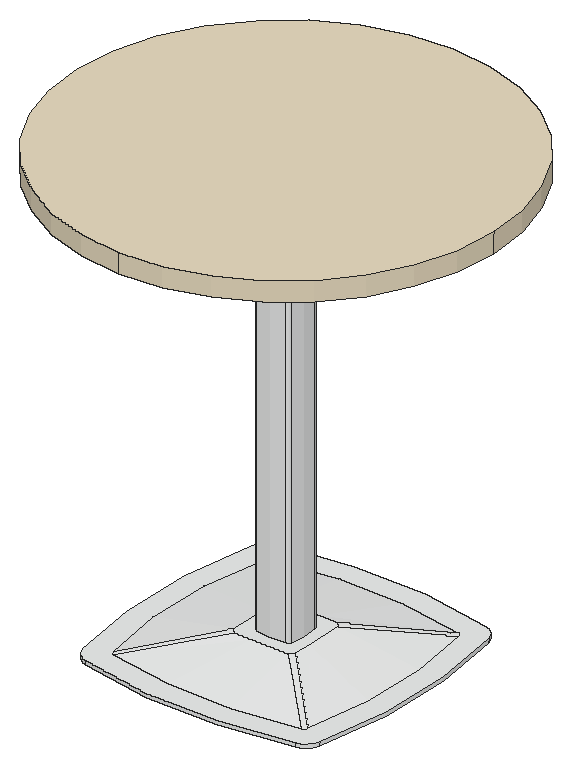
Revit family "FU_Table_Sandler_511-AX", category Furniture, Revit 2020
Family settings
  OmniClass Number = 23.40.20.00
  OmniClass Title = General Furniture and Specialties
  Work Plane-Based = No
  Always vertical = Yes
  Cut with Voids When Loaded = No
  Shared = No
  Room Calculation Point = No
Parameters (values of type "511 AX - 28" Round Top (70cm)")
  Width = 440 mm
  URL = "https://www.sandlerseating.com/product/511-ax/"
  Top Type [instance] = FU_TableTops_MT Rnd : 28" Round (70cm)
  Top Elevation = Height  # 720 mm
  Top Finish [instance] = Wood - Beech - Chestnut Stained
  Model = "511 AX"
  Manufacturer = "Sandler"
  Height = 720 mm
  Frame Finish [instance] = Metal - Paint -AL VR - Traffic White
  Description = "Table base. Available in powdercoat painted finishes.\r\nOptional upcharge for outdoor version with galvanized-treated frame and adjustable feet."
  Depth = Width  # 440 mm
  Default Elevation = 0 mm
Types (8, lengths in mm): name | Top Type | Top Finish | Frame Finish
  (no name) | FU_TableTops_MT Rnd : 28" Round (70cm) | Wood - Beech - Chestnut Stained | Metal - Paint -AL VR - Traffic White
  511 AX - 32" Round Top (80cm) | FU_TableTops_MT Rnd : 32" Round (80cm) | Wood - Beech - Honey Stained | Metal - Paint -AL VR - Pure White
  511 AX - 24" Round Top (60cm) | FU_TableTops_MT Rnd : 24" Round (60cm) | Wood - Beech - Honey Stained | Metal - Paint -AL VR - Pure White
  511 AX - 28" Round Top (70cm) | FU_TableTops_MT Rnd : 28" Round (70cm) | Wood - Beech - Chestnut Stained | Metal - Paint -AL VR - Traffic White
  511 AX - 36" Round Top (90cm) | FU_TableTops_MT Rnd : 36" Round (90cm) | Wood - Beech - Honey Stained | Metal - Paint -AL VR - Pure White
  511 AX - 24" Square Top (60cm) | FU_TableTops_MT Sqr : 24" Square (60cm) | Wood - Beech - Honey Stained | Metal - Paint - AL VR - Ruby Red
  511 AX - 28" Square Top (70cm) | FU_TableTops_MT Sqr : 28" Square (70cm) | Wood - Beech - Honey Stained | Metal - Paint -AL VR - Pure White
  511 AX - 32" Square Top (80cm) | FU_TableTops_MT Sqr : 32" Square (80cm) | Wood - Beech - Honey Stained | Metal - Paint -AL VR - Pure White
Reference planes
  plane 1 "Center (Front/Back)": y = 0
  plane 2: z = 0
  plane 3 "Center (Left/Right)": x = 0
  plane 4 "Right": x = -220
  plane 5 "Left": x = 220
  plane 6 "Back": y = 220
  plane 7 "Front": y = -220
  plane 8 "Height": z = 720
  plane 9 "Top Support": z = 693.5
  plane 10 "Glide Height": z = 3.5
  plane 11 "Base Base": z = 9.5
  plane 12 "Base Top": z = 33.5
  plane 13 "Pads Front": y = -178.367
  plane 14 "Pads Right": x = -178.367
  plane 15 "Pads Back": y = 178.367
  plane 16 "Pads Left": x = 178.367
Forms (mm)
  Extrusion 1, solid, material "Metal - Paint -AL VR - Traffic White" <- "Frame Finish"
    sketch origin (0, 0, 3.5) x (-1, 0, 0) y (0, -1, 0)
      loop
        arc (177.109, -199.437) -> (191.448, -191.448) -> (199.437, -177.109) r 29.999
        arc (199.437, -177.109) -> (220, 0) -> (199.437, 177.109) r 773.001
        arc (199.437, 177.109) -> (191.445, 191.445) -> (177.109, 199.437) r 30.026
        arc (177.109, 199.437) -> (0, 220.05) -> (-177.109, 199.437) r 771.183
        arc (-177.109, 199.437) -> (-191.445, 191.445) -> (-199.437, 177.109) r 30.026
        arc (-199.437, 177.109) -> (-220, 0) -> (-199.437, -177.109) r 773.001
        arc (-199.437, -177.109) -> (-191.445, -191.445) -> (-177.109, -199.437) r 30.026
        arc (-177.109, -199.437) -> (0, -220.05) -> (177.109, -199.437) r 771.183
    from 0 to 6
  Revolve 2, solid, material "Rubber, Black"
    sketch origin (26.426, 178.367, 0) x (1, 0, 0) y (0, 0, 1)
      loop
        line (-204.687, 0) -> (-204.687, 3.5) -> (-212.687, 3.5) -> (-212.687, 2)
        arc (-212.687, 2) -> (-212.101, 0.586) -> (-210.687, 0) r 2
        line (-210.687, 0) -> (-204.687, 0)
      axis (-204.687, 3.5) -> (-204.687, 0)
    angle from 0 to 360
  Revolve 3, solid, material "Rubber, Black"
    sketch origin (-25.633, -178.367, 0) x (1, 0, 0) y (0, 0, 1)
      loop
        line (204, 0) -> (210, 0)
        arc (210, 0) -> (211.414, 0.586) -> (212, 2) r 2
        line (212, 2) -> (212, 3.5) -> (204, 3.5) -> (204, 0)
      axis (204, 3.5) -> (204, 0)
    angle from 0 to 360
  Revolve 4, solid, material "Rubber, Black"
    sketch origin (-178.367, 25.633, 0) x (0, 1, 0) y (0, 0, 1)
      loop
        line (-204, 3.5) -> (-212, 3.5) -> (-212, 2)
        arc (-212, 2) -> (-211.414, 0.586) -> (-210, 0) r 2
        line (-210, 0) -> (-204, 0) -> (-204, 3.5)
      axis (-204, 3.5) -> (-204, 0)
    angle from 0 to 360
  Revolve 5, solid, material "Rubber, Black"
    sketch origin (178.367, -25.508, 0) x (0, 1, 0) y (0, 0, 1)
      loop
        line (204, 3.5) -> (204, 0) -> (210, 0)
        arc (210, 0) -> (211.414, 0.586) -> (212, 2) r 2
        line (212, 2) -> (212, 3.5) -> (204, 3.5)
      axis (204, 3.5) -> (204, 0)
    angle from 0 to 360
  Extrusion 6, solid, material "Metal - Paint -AL VR - Traffic White" <- "Frame Finish"
    sketch origin (0, 0, 3.5) x (-1, 0, 0) y (0, -1, 0)
      loop
        arc (30.081, -24.212) -> (32.517, 0.002) -> (30.081, 24.216) r 121.548
        arc (30.081, 24.216) -> (28.031, 28.034) -> (24.211, 30.081) r 7.503
        arc (24.211, 30.081) -> (-0.002, 32.5) -> (-24.216, 30.081) r 122.405
        arc (-24.216, 30.081) -> (-28.031, 28.031) -> (-30.081, 24.216) r 7.513
        arc (-30.081, 24.216) -> (-32.517, 0.002) -> (-30.081, -24.212) r 121.548
        arc (-30.081, -24.212) -> (-28.035, -28.032) -> (-24.216, -30.081) r 7.495
        arc (-24.216, -30.081) -> (-0.002, -32.5) -> (24.211, -30.081) r 122.405
        arc (24.211, -30.081) -> (28.03, -28.03) -> (30.081, -24.212) r 7.518
    from 0 to 690
  Blend 7, solid, material "Metal - Paint -AL VR - Traffic White" <- "Frame Finish"
    base sketch origin (0, 0, 9.5) x (-1, 0, 0) y (0, -1, 0)
      loop
        arc (163.543, -158.418) -> (182.099, -0.002) -> (163.544, 158.413) r 685.528
        arc (163.544, 158.413) -> (161.532, 162.002) -> (157.931, 163.989) r 7.5
        arc (157.931, 163.989) -> (0, 181.941) -> (-157.931, 163.989) r 703.645
        arc (-157.931, 163.989) -> (-161.532, 162.002) -> (-163.544, 158.413) r 7.5
        arc (-163.544, 158.413) -> (-182.099, 0) -> (-163.544, -158.413) r 685.528
        arc (-163.544, -158.413) -> (-161.532, -162.002) -> (-157.931, -163.989) r 7.5
        arc (-157.931, -163.989) -> (0.002, -181.941) -> (157.935, -163.988) r 703.645
        arc (157.935, -163.988) -> (161.533, -162.003) -> (163.543, -158.418) r 7.492
    top sketch origin (0, 0, 9.5) x (-1, 0, 0) y (0, -1, 0)
      loop
        arc (52.25, 44.724) -> (50.044, 50.049) -> (44.719, 52.254) r 7.531
        line (44.719, 52.254) -> (-44.773, 52.254)
        arc (-44.773, 52.254) -> (-50.06, 50.065) -> (-52.25, 44.778) r 7.477
        line (-52.25, 44.778) -> (-52.25, -44.728)
        arc (-52.25, -44.728) -> (-50.046, -50.05) -> (-44.724, -52.254) r 7.526
        line (-44.724, -52.254) -> (44.799, -52.254)
        arc (44.799, -52.254) -> (50.068, -50.072) -> (52.25, -44.803) r 7.451
        line (52.25, -44.803) -> (52.25, 44.724)
    from 0 to 24
  Extrusion 8, solid, material "Metal - Paint -AL VR - Traffic White" <- "Frame Finish"
    sketch origin (0, 0, 720) x (-1, 0, 0) y (0, -1, 0)
      loop
        line (184, -179) -> (184, 179)
        arc (184, 179) -> (182.536, 182.536) -> (179, 184) r 5
        line (179, 184) -> (-179, 184)
        arc (-179, 184) -> (-182.536, 182.536) -> (-184, 179) r 5
        line (-184, 179) -> (-184, -179)
        arc (-184, -179) -> (-182.536, -182.536) -> (-179, -184) r 5
        line (-179, -184) -> (179, -184)
        arc (179, -184) -> (182.536, -182.536) -> (184, -179) r 5
    from 0 to -5
  Blend 9, solid, material "Metal - Paint -AL VR - Traffic White" <- "Frame Finish"
    base sketch origin (0, 0, 693.5) x (-1, 0, 0) y (0, -1, 0)
      loop
        arc (141, 129) -> (137.485, 137.485) -> (129, 141) r 12
        line (129, 141) -> (-129, 141)
        arc (-129, 141) -> (-137.485, 137.485) -> (-141, 129) r 12
        line (-141, 129) -> (-141, -129)
        arc (-141, -129) -> (-137.485, -137.485) -> (-129, -141) r 12
        line (-129, -141) -> (129, -141)
        arc (129, -141) -> (137.485, -137.485) -> (141, -129) r 12
        line (141, -129) -> (141, 129)
    top sketch origin (0, 0, 693.5) x (-1, 0, 0) y (0, -1, 0)
      loop
        line (52, -45.5) -> (52, 45.524)
        arc (52, 45.524) -> (50.103, 50.103) -> (45.524, 52) r 6.476
        line (45.524, 52) -> (-45.5, 52)
        arc (-45.5, 52) -> (-50.096, 50.096) -> (-52, 45.5) r 6.5
        line (-52, 45.5) -> (-52, -45.5)
        arc (-52, -45.5) -> (-50.096, -50.096) -> (-45.5, -52) r 6.5
        line (-45.5, -52) -> (45.5, -52)
        arc (45.5, -52) -> (50.096, -50.096) -> (52, -45.5) r 6.5
    from 26.5 to 0
  Extrusion 10, void
    sketch origin (0, 0, 720) x (-1, 0, 0) y (0, -1, 0)
      loop
        circle (152.5, -152.5) r 3.599
      loop
        circle (-152.5, -152.5) r 3.599
      loop
        circle (152.5, 152.5) r 3.599
      loop
        circle (-152.5, 152.5) r 3.599
      loop
        circle (22.627, -22.627) r 3.5
      loop
        circle (-22.627, -22.627) r 3.5
      loop
        circle (22.627, 22.627) r 3.5
      loop
        circle (-22.627, 22.627) r 3.5
      loop
        circle (0, 21) r 2.5
      loop
        circle (0, 0) r 6.5
    from -26.5 to 0
Cuts and joins
  joined: Extrusion 1, Blend 7
  Extrusion 10 cuts Extrusion 8
  Extrusion 10 cuts Blend 9
Lines and regions (mm)
  reference lines
    curve 1: line (-178.367, -169.117, 0) -> (-178.367, -187.617, 0)
Dimensions and locks
  equal spacing: plane 4 "Right", plane 3 "Center (Left/Right)", plane 5 "Left"
  "Width": plane 4 "Right" to plane 5 "Left"
  equal spacing: plane 6 "Back", plane 1 "Center (Front/Back)", plane 7 "Front"
  "Depth": plane 6 "Back" to plane 7 "Front"
  "Height": plane 8 "Height" to level
  locked: plane 8 "Height" to plane 9 "Top Support" at 26.5
  locked: plane 13 "Pads Front" to plane 7 "Front" at 41.633
  locked: plane 4 "Right" to plane 14 "Pads Right" at 41.633
  locked: plane 6 "Back" to plane 15 "Pads Back" at 41.633
  locked: plane 16 "Pads Left" to plane 5 "Left" at 41.633
  aligned and locked: level to plane 2
  aligned and locked: plane 11 "Base Base" to Extrusion 1
  aligned and locked: Extrusion 1 to plane 11 "Base Base"  (x3)
  aligned and locked: Extrusion 6 to plane 10 "Glide Height"
  aligned and locked: plane 9 "Top Support" to Extrusion 6
  aligned and locked: Blend 9 to plane 8 "Height"
  aligned and locked: Blend 9 to plane 9 "Top Support"
  aligned and locked: plane 9 "Top Support" to Blend 9  (x4)
  aligned and locked: Extrusion 10 to plane 9 "Top Support"
  aligned and locked: plane 8 "Height" to Extrusion 10
Automatic sketch dimensions
  plane 1 "Center (Front/Back)" to Extrusion 1 sketch curve = 0 mm  (x2)
  Extrusion 1 sketch curve to plane 3 "Center (Left/Right)" = 0 mm  (x2)
  Extrusion 1 sketch curve to plane 5 "Left" = 333.001 mm
  plane 4 "Right" to Extrusion 1 sketch curve = 333.001 mm
  plane 6 "Back" to Extrusion 1 sketch curve = 331.134 mm
  Extrusion 1 sketch curve to Extrusion 1 sketch curve = 6.896 mm
  Extrusion 1 sketch curve to Extrusion 1 sketch curve = 0 mm  (x4)
  plane 3 "Center (Left/Right)" to Blend 7 sketch curve = 52.25 mm
  Blend 7 sketch curve to Blend 7 sketch curve = 7.477 mm
  Blend 7 sketch curve to Blend 7 sketch curve = 7.526 mm
  Blend 7 sketch curve to plane 3 "Center (Left/Right)" = 44.719 mm
  Blend 7 sketch curve to plane 3 "Center (Left/Right)" = 44.799 mm
  Blend 7 sketch curve to Blend 7 sketch curve = 7.451 mm
  Blend 7 sketch curve to plane 1 "Center (Front/Back)" = 52.254 mm
  plane 1 "Center (Front/Back)" to Blend 7 sketch curve = 44.724 mm
  plane 1 "Center (Front/Back)" to Blend 7 sketch curve = 0 mm  (x2)
  Blend 7 sketch curve to plane 3 "Center (Left/Right)" = 0 mm  (x2)
  Blend 7 sketch curve to plane 5 "Left" = 283.43 mm
  plane 4 "Right" to Blend 7 sketch curve = 283.43 mm
  plane 6 "Back" to Blend 7 sketch curve = 301.704 mm
  Blend 7 sketch curve to plane 7 "Front" = 301.704 mm
  Blend 7 sketch curve to Blend 7 sketch curve = 1.683 mm  (x2)
  Blend 7 sketch curve to Blend 7 sketch curve = 0 mm  (x6)
  plane 1 "Center (Front/Back)" to Extrusion 6 sketch curve = 0.002 mm  (x2)
  plane 3 "Center (Left/Right)" to Extrusion 6 sketch curve = 89.031 mm
  plane 3 "Center (Left/Right)" to Extrusion 6 sketch curve = 22.733 mm
  plane 3 "Center (Left/Right)" to Extrusion 6 sketch curve = 22.719 mm
  plane 3 "Center (Left/Right)" to Extrusion 6 sketch curve = 0.002 mm  (x2)
  Extrusion 6 sketch curve to plane 3 "Center (Left/Right)" = 22.714 mm
  Extrusion 6 sketch curve to plane 3 "Center (Left/Right)" = 22.727 mm
  Extrusion 6 sketch curve to plane 1 "Center (Front/Back)" = 22.714 mm
  Extrusion 6 sketch curve to plane 1 "Center (Front/Back)" = 22.734 mm
  plane 1 "Center (Front/Back)" to Extrusion 6 sketch curve = 22.719 mm
  plane 1 "Center (Front/Back)" to Extrusion 6 sketch curve = 22.726 mm
  Extrusion 6 sketch curve to Extrusion 6 sketch curve = 67.179 mm
  Extrusion 6 sketch curve to Extrusion 6 sketch curve = 7.362 mm
  Extrusion 6 sketch curve to Extrusion 6 sketch curve = 0 mm  (x4)
  Extrusion 6 sketch curve to Extrusion 6 sketch curve = 7.348 mm
  Extrusion 6 sketch curve to Extrusion 6 sketch curve = 1.497 mm
  Extrusion 6 sketch curve to Extrusion 6 sketch curve = 1.484 mm
  Extrusion 6 sketch curve to Extrusion 6 sketch curve = 1.498 mm
  Extrusion 6 sketch curve to Extrusion 6 sketch curve = 7.354 mm
  Extrusion 8 sketch curve to Extrusion 8 sketch curve = 5 mm  (x4)
  Blend 9 sketch curve to Blend 9 sketch curve = 12 mm  (x3)
  plane 3 "Center (Left/Right)" to Blend 9 sketch curve = 52 mm
  Blend 9 sketch curve to Blend 9 sketch curve = 6.5 mm  (x2)
  Blend 9 sketch curve to plane 3 "Center (Left/Right)" = 45.5 mm
  Blend 9 sketch curve to plane 3 "Center (Left/Right)" = 45.524 mm
  Blend 9 sketch curve to Blend 9 sketch curve = 6.476 mm
  Blend 9 sketch curve to plane 1 "Center (Front/Back)" = 52 mm
  plane 1 "Center (Front/Back)" to Blend 9 sketch curve = 45.5 mm
  Extrusion 10 sketch curve to plane 3 "Center (Left/Right)" = 0 mm  (x2)
  plane 1 "Center (Front/Back)" to Extrusion 10 sketch curve = 0 mm
  plane 3 "Center (Left/Right)" to Extrusion 10 sketch curve = 22.627 mm  (x2)
  Extrusion 10 sketch curve to plane 3 "Center (Left/Right)" = 22.627 mm  (x2)
  Extrusion 10 sketch curve to plane 1 "Center (Front/Back)" = 22.627 mm  (x2)
  plane 1 "Center (Front/Back)" to Extrusion 10 sketch curve = 21 mm
  plane 1 "Center (Front/Back)" to Extrusion 10 sketch curve = 22.627 mm  (x2)
  plane 7 "Front" to Extrusion 1 sketch curve = 49.787 mm
  plane 1 "Center (Front/Back)" to Extrusion 1 sketch curve = 170.213 mm
  Extrusion 1 sketch curve to plane 7 "Front" = 331.134 mm
  plane 7 "Front" to Blend 7 sketch curve = 63.32 mm  (x2)
  plane 7 "Front" to Extrusion 8 sketch curve = 41 mm
  plane 7 "Front" to Blend 9 sketch curve = 91 mm
  plane 7 "Front" to Extrusion 10 sketch curve = 67.5 mm  (x2)
  plane 7 "Front" to curve 1 = 32.383 mm
  Extrusion 1 sketch curve to plane 4 "Right" = 49.787 mm
  Extrusion 1 sketch curve to Extrusion 1 sketch curve = 6.873 mm
  Blend 7 sketch curve to plane 4 "Right" = 63.753 mm
  Blend 7 sketch curve to plane 4 "Right" = 63.746 mm
  Extrusion 8 sketch curve to plane 4 "Right" = 41 mm
  Blend 9 sketch curve to plane 4 "Right" = 91 mm  (x2)
  Extrusion 10 sketch curve to plane 4 "Right" = 67.5 mm  (x2)
  plane 5 "Left" to Extrusion 1 sketch curve = 49.787 mm
  plane 3 "Center (Left/Right)" to Extrusion 1 sketch curve = 170.213 mm
  plane 5 "Left" to Extrusion 1 sketch curve = 20.563 mm  (x2)
  plane 5 "Left" to Blend 7 sketch curve = 63.753 mm  (x2)
  plane 5 "Left" to Extrusion 8 sketch curve = 41 mm
  plane 5 "Left" to Blend 9 sketch curve = 91 mm
  plane 5 "Left" to Extrusion 10 sketch curve = 67.5 mm  (x2)
  Extrusion 1 sketch curve to plane 4 "Right" = 49.764 mm
  Extrusion 1 sketch curve to plane 6 "Back" = 49.764 mm
  Extrusion 1 sketch curve to plane 1 "Center (Front/Back)" = 170.213 mm
  Blend 7 sketch curve to plane 6 "Back" = 63.313 mm
  Blend 7 sketch curve to plane 6 "Back" = 63.32 mm
  Extrusion 8 sketch curve to plane 6 "Back" = 41 mm
  Blend 9 sketch curve to plane 6 "Back" = 91 mm
  Extrusion 10 sketch curve to plane 6 "Back" = 67.5 mm  (x2)
  curve 1 to plane 14 "Pads Right" = 0 mm
  curve 1 to plane 13 "Pads Front" = 9.25 mm
  Revolve 2 sketch curve to plane 10 "Glide Height" = 0 mm
  Revolve 2 sketch curve to level = 0 mm
  plane 10 "Glide Height" to Revolve 2 sketch curve = 1.5 mm
  plane 4 "Right" to Revolve 2 sketch curve = 33.739 mm
  Revolve 2 sketch curve to Revolve 2 sketch curve = 6 mm
  Revolve 2 sketch curve to Revolve 2 sketch curve = 0 mm
  level to Revolve 2 sketch curve = 10.049 mm
  plane 11 "Base Base" to Revolve 2 sketch curve = 2.095 mm
  Revolve 5 sketch curve to plane 10 "Glide Height" = 0 mm
  Revolve 5 sketch curve to level = 0 mm
  plane 6 "Back" to Revolve 5 sketch curve = 41.508 mm
  plane 10 "Glide Height" to Revolve 5 sketch curve = 1.5 mm
  Revolve 5 sketch curve to Revolve 5 sketch curve = 6 mm
  plane 11 "Base Base" to Revolve 5 sketch curve = 1.201 mm
  Revolve 5 sketch curve to Revolve 5 sketch curve = 0 mm
  level to Revolve 5 sketch curve = 5.787 mm
  Revolve 4 sketch curve to plane 10 "Glide Height" = 0 mm
  Revolve 4 sketch curve to level = 0 mm
  plane 7 "Front" to Revolve 4 sketch curve = 33.633 mm
  Revolve 4 sketch curve to Revolve 4 sketch curve = 2 mm
  Revolve 4 sketch curve to Revolve 4 sketch curve = 6 mm
  Revolve 4 sketch curve to plane 11 "Base Base" = 1.201 mm
  Revolve 4 sketch curve to Revolve 4 sketch curve = 0 mm
  Revolve 4 sketch curve to level = 5.787 mm
  Revolve 3 sketch curve to level = 0 mm
  Revolve 3 sketch curve to plane 10 "Glide Height" = 0 mm
  plane 5 "Left" to Revolve 3 sketch curve = 41.633 mm
  Revolve 3 sketch curve to plane 10 "Glide Height" = 1.5 mm
  Revolve 3 sketch curve to Revolve 3 sketch curve = 6 mm
  Revolve 3 sketch curve to Revolve 3 sketch curve = 0 mm
  Revolve 3 sketch curve to level = 10.049 mm
  Revolve 3 sketch curve to plane 11 "Base Base" = 2.095 mm
  radius of Extrusion 10 sketch curve = 3.599 mm  (x4)
  radius of Extrusion 10 sketch curve = 3.5 mm  (x4)
  radius of Extrusion 10 sketch curve = 2.5 mm
  radius of Extrusion 10 sketch curve = 6.5 mm
Nested families
  nested 1: "FU_TableTops_MT Rnd" at (0, 0, 0), Top Elevation <- "Top Elevation", type <- "Top Type", type "28" Round (70cm)"
    with Top Finish Wood - Beech - Honey Stained, Top Elevation 720 mm
Definition of nested family "FU_TableTops_MT Rnd"
  Parameters (values of type "40" Round (100cm)")
    Width = 1000 mm
    Top Finish [instance] = none
    Top Elevation [instance] = 1100 mm
    Depth = Width  # 1000 mm
    Default Elevation = 0 mm
  Types (5, lengths in mm): name | Width | Depth
    24" Round (60cm) | 600 | 600
    28" Round (70cm) | 700 | 700
    32" Round (80cm) | 800 | 800
    36" Round (90cm) | 900 | 900
    40" Round (100cm) | 1000 | 1000
  Reference planes
    plane 1 "Center (Front/Back)": y = 0
    plane 2: z = 0
    plane 3 "Center (Left/Right)": x = 0
    plane 4 "Right": x = -500
    plane 5 "Left": x = 500
    plane 6 "Back": y = 500
    plane 7 "Front": y = -500
    plane 8 "Elevation": z = 1100
    plane 9 "Top Height": z = 1131.75
  Forms (mm)
    Extrusion 1, solid, material <- "Top Finish"
      sketch origin (0, 0, 1100) x (-1, 0, 0) y (0, -1, 0)
        loop
          arc (0, -500) -> (353.553, -353.553) -> (500, 0) r 500
          arc (500, 0) -> (353.553, 353.553) -> (0, 500) r 500
          arc (0, 500) -> (-353.553, 353.553) -> (-500, 0) r 500
          arc (-500, 0) -> (-353.553, -353.553) -> (0, -500) r 500
      from 0 to 31.75
  Dimensions and locks
    equal spacing: plane 4 "Right", plane 3 "Center (Left/Right)", plane 5 "Left"
    "Width": plane 4 "Right" to plane 5 "Left"
    equal spacing: plane 6 "Back", plane 1 "Center (Front/Back)", plane 7 "Front"
    "Depth": plane 6 "Back" to plane 7 "Front"
    "Top Elevation": plane 8 "Elevation" to level
    locked: plane 9 "Top Height" to plane 8 "Elevation" at 31.75
    aligned and locked: level to plane 2
    aligned and locked: plane 9 "Top Height" to Extrusion 1
  Automatic sketch dimensions
    Extrusion 1 sketch curve to Extrusion 1 sketch curve = 0 mm  (x7)
    plane 1 "Center (Front/Back)" to Extrusion 1 sketch curve = 0 mm  (x2)
    Extrusion 1 sketch curve to plane 5 "Left" = 0 mm
    Extrusion 1 sketch curve to plane 3 "Center (Left/Right)" = 0 mm  (x3)
    Extrusion 1 sketch curve to plane 6 "Back" = 0 mm
